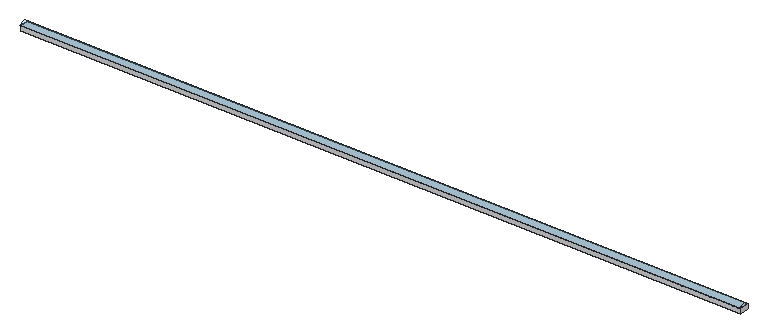
Revit family "277V SENCILLA 5050 IP65_L60277UWW_NW", category Luminarias, Revit 2019
Family settings
  Cota de conector redondo = Diámetro de uso
  Tipo de pieza = Normal
  Se basa en plano de trabajo = Sí
  Siempre vertical = No
  Corte con vacíos al cargar = No
  Origen de luz = Sí
  Compartido = No
  Punto de cálculo de habitación = No
Parameters (values of type "277V SENCILLA 5050 IP65_L60277NW")
  Tilt Angle = 60.00°
  built-in parameter 1010506 = 0.5236 (stored number, unit not read)
  built-in parameter 1010507 = 1.5708 (stored number, unit not read)
  Zone [instance] = ""
  Watt per fixture [instance] = (Longitud / 1000 mm) * (6)  # 6
  Wattage = 6 W
  built-in parameter 1150107 = 4500 (stored number, unit not read)
  built-in parameter 1150110 = 1 (stored number, unit not read)
  built-in parameter 1150109 = 1 (stored number, unit not read)
  built-in parameter 1150112 = 1 (stored number, unit not read)
  built-in parameter 1150113 = 1 (stored number, unit not read)
  built-in parameter 1114218 = 1 (stored number, unit not read)
  built-in parameter 1150137 = (empty or 0)
  built-in parameter 1150132 = (empty or 0)
  Modelo = "L60277NW"
  Lámpara = "5050 SMD"
  Longitud de símbolo de origen de luz = 1500 mm
  Longitud de línea de emisión = 600 mm
  Longitud [instance] = 1000 mm
  LCl1 Conector Intermedio [instance] = 0
  LCG2 Funda Termo contractil [instance] = (LCC3 Convertidor de Corriente) * (2)  # 2
  LCF1 Tapa Final [instance] = (LCC3 Convertidor de Corriente) * (1)  # 1
  LCC3 Convertidor de Corriente [instance] = 1
  LCA1 Conector Aguja [instance] = (LCC3 Convertidor de Corriente) * (1)  # 1
  built-in parameter 1150105 = 11511.4 (stored number, unit not read)
  built-in parameter 1150102 = (empty or 0)
  built-in parameter 1150106 = 115.11 (stored number, unit not read)
  Lumens = 3442.86 lm
  Color Filter = 16777215
  built-in parameter 1114217 = 1 (stored number, unit not read)
  built-in parameter 1150139 = (empty or 0)
  Fabricante = "BRILLANT"
  Default Elevation = 0 mm
  built-in parameter 1150104 = 53.309 (stored number, unit not read)
  Descripción = "TIRA LED SENCILLA DE PCB CON RECUBRIMIENTO DE PLASTICO 13MM MONOCROMATICA , CON UNA POTENCIA DE 6W/M DE UN TIPO DE LED 5050 SMD, USO PARA INTERIORES COMO EXTERIORES IP65, IRC80, 60 LEDS POR METRO, PRESENTACION DE 50M, TEMPERATURA EN BLANCO FRIO 4500K, 573.81 LUMENES POR METRO, EFICIENCIA DE 95.63 LM/W, CORTE A 50CM, ALIMENTADA A 277V, REQUIERE ACCESORIOS COMO CONVERTIDOR DE CORRIENTE (1 POR SEGMENTO DE TIRA), CONECTOR INTERMEDIO (CONSIDERAR EN CORTES DE TIRA O ANGULOS CERRADOS), CONECTOR AGUJA (CONSIDERAR 1PZA PRO CADA CONVERTIDOR), FUNDA TERMOCONTRACTIL (CONSIDERAR 2PZAS POR SEGMENTO DE TIRA), TAPA FINAL (CONSIDERAR 1PZA POR SEGMENTO DE TIRA) Y CLIPS DE SUJECION (CONSIDERAR 4 PZAS POR 1M)"
  built-in parameter 1150115 = 1 (stored number, unit not read)
  built-in parameter 1150114 = 1 (stored number, unit not read)
  Costo USD_L60277 [instance] = (Longitud / 1000 mm) * (16)  # 16
  Cost = 0
  Comentarios de vataje = "277V"
  built-in parameter 1150138 = (empty or 0)
  built-in parameter 1150134 = (empty or 0)
  Circuit [instance] = ""
  Dimming Lamp Color Temperature Shift = (empty or 0)
  CL1 Clips de sujecion [instance] = (Longitud / 1000 mm) * (4)  # 4
  built-in parameter 1150133 = 10 (stored number, unit not read)
Types (2, lengths in mm): name | built-in parameter 1150107 | Modelo | Descripción
  277V SENCILLA 5050 IP65_L60277UWW | 2400 (stored number, unit not read) | "L60277UWW" | "TIRA LED SENCILLA DE PCB CON RECUBRIMIENTO DE PLASTICO 13MM MONOCROMATICA , CON UNA POTENCIA DE 6W/M DE UN TIPO DE LED 5050 SMD, USO PARA INTERIORES COMO EXTERIORES IP65, IRC80, 60 LEDS POR METRO, PRESENTACION DE 50M, TEMPERATURA EN BLANCO ULTRA CALIDO 2400K, 573.81 LUMENES POR METRO, EFICIENCIA DE 95.63 LM/W, CORTE A 50CM, ALIMENTADA A 277V, REQUIERE ACCESORIOS COMO CONVERTIDOR DE CORRIENTE (1 POR SEGMENTO DE TIRA), CONECTOR INTERMEDIO (CONSIDERAR EN CORTES DE TIRA O ANGULOS CERRADOS), CONECTOR AGUJA (CONSIDERAR 1PZA PRO CADA CONVERTIDOR), FUNDA TERMOCONTRACTIL (CONSIDERAR 2PZAS POR SEGMENTO DE TIRA), TAPA FINAL (CONSIDERAR 1PZA POR SEGMENTO DE TIRA) Y CLIPS DE SUJECION (CONSIDERAR 4 PZAS POR 1M)"
  277V SENCILLA 5050 IP65_L60277NW | 4500 (stored number, unit not read) | "L60277NW" | "TIRA LED SENCILLA DE PCB CON RECUBRIMIENTO DE PLASTICO 13MM MONOCROMATICA , CON UNA POTENCIA DE 6W/M DE UN TIPO DE LED 5050 SMD, USO PARA INTERIORES COMO EXTERIORES IP65, IRC80, 60 LEDS POR METRO, PRESENTACION DE 50M, TEMPERATURA EN BLANCO FRIO 4500K, 573.81 LUMENES POR METRO, EFICIENCIA DE 95.63 LM/W, CORTE A 50CM, ALIMENTADA A 277V, REQUIERE ACCESORIOS COMO CONVERTIDOR DE CORRIENTE (1 POR SEGMENTO DE TIRA), CONECTOR INTERMEDIO (CONSIDERAR EN CORTES DE TIRA O ANGULOS CERRADOS), CONECTOR AGUJA (CONSIDERAR 1PZA PRO CADA CONVERTIDOR), FUNDA TERMOCONTRACTIL (CONSIDERAR 2PZAS POR SEGMENTO DE TIRA), TAPA FINAL (CONSIDERAR 1PZA POR SEGMENTO DE TIRA) Y CLIPS DE SUJECION (CONSIDERAR 4 PZAS POR 1M)"
Reference planes
  plane 1 "Centro (Frontal/Posterior)": y = 0
  plane 2: z = 0
  plane 3 "Centro (Izquierda/Derecha)": x = 0
  plane 4: x = 0
  plane 5: z = 12
  plane 6: x = -1000
Forms (mm)
  Extrusion 1, solid
    sketch origin (0, 0, 0) x (1, 0, 0) y (0, 1, 0)
      loop
        line (-1000, 6.476) -> (-1000, -6.493) -> (0, -6.493) -> (0, 6.476) -> (-1000, 6.476)
    from 0 to 6.038
  Extrusion 2, solid, material "Cristal"
    sketch origin (0, 0, 0) x (0, 1, 0) y (0, 0, 1)
      loop
        arc (6.5, 6.038) -> (0, 10.038) -> (-6.5, 6.038) r 7.281
        line (-6.5, 6.038) -> (6.5, 6.038)
    from -1000 to 0
Dimensions and locks
  "Longitud": plane 6 to plane 4
  aligned and locked: level to plane 2
  aligned and locked: Extrusion 1 to plane 4
  aligned and locked: plane 6 to Extrusion 1
  aligned and locked: Extrusion 2 to Extrusion 1
  aligned and locked: plane 3 "Centro (Izquierda/Derecha)" to Extrusion 2
  aligned and locked: plane 3 "Centro (Izquierda/Derecha)" to Extrusion 1
Automatic sketch dimensions
  Extrusion 1 sketch curve to plane 6 = 0 mm
  Extrusion 1 sketch curve to plane 3 "Centro (Izquierda/Derecha)" = 0 mm
  plane 1 "Centro (Frontal/Posterior)" to Extrusion 1 sketch curve = 6.493 mm
  Extrusion 1 sketch curve to plane 1 "Centro (Frontal/Posterior)" = 6.476 mm
  level to Extrusion 2 sketch curve = 2.757 mm
  Extrusion 2 sketch curve to plane 1 "Centro (Frontal/Posterior)" = 0 mm
  plane 1 "Centro (Frontal/Posterior)" to Extrusion 2 sketch curve = 6.5 mm
  Extrusion 2 sketch curve to plane 5 = 5.962 mm
Connectors
  electrical at (0, -0.009, 3.019)
    settings: on Extrusion 1, index 1, voltage 277 V, apparent load 0 VA, apparent load phase1 0 VA, apparent load phase2 0 VA, apparent load phase3 0 VA, power factor 1, load classification "Otro", number of poles 1, system type 31, power factor state 1, is connector primary yes, connector utility no, sub classification motor no, connector description ""
